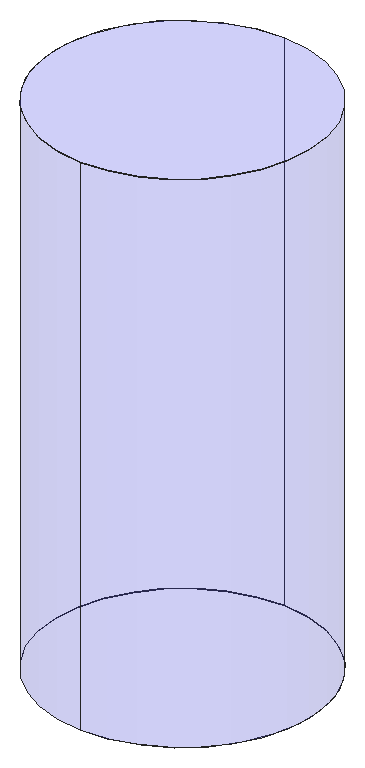
Revit family "ab0f770f071c455db5cd8c4188b68560", category Lighting Fixtures, Revit 2021
Family settings
  Round Connector Dimension = Use Diameter
  Part Type = Normal
  OmniClass Number = 23.80.70.11.11
  OmniClass Title = General Luminaries, Non Directional
  Seek Item ID = Studio Light-0000-USA-ENU
  Work Plane-Based = No
  Always vertical = Yes
  Cut with Voids When Loaded = No
  Light Source = Yes
  Shared = No
  Room Calculation Point = No
Parameters (values of type "277V")
  Wattage Comments = "100"
  Wattage = 100 W
  built-in parameter 1150110 = 1 (stored number, unit not read)
  built-in parameter 1114217 = 1 (stored number, unit not read)
  built-in parameter 1150109 = 1 (stored number, unit not read)
  built-in parameter 1150134 = 12
  built-in parameter 1150113 = 1 (stored number, unit not read)
  Tilt Angle = 90.00°
  Photometric Web File = "SL1MH.IES"
  built-in parameter 1150142 = "IESNA:LM-63-1995\r\n[DATE]04/24/01\r\n[TEST]ITL50989\r\n[MANUFAC]SPI LIGHTING GROUP\r\n[LUMCAT]ADVENT-AE7011-1MH100-120WH\r\n[LUMINAIRE]FABRICATED METAL HOUSING WITH SEMI-DIFFUSE INTERIOR FINISH,\r\n[MORE]FABRICATED WHITE PAINTED PERFORATED METAL DIFFUSER.\r\n[LAMP]ONE 100-WATT PHOSPHOR-COATED E-17 METAL HALIDE, HORIZONTAL POSITION.\r\n[_MOUNTING]WALL\r\nTILT=NONE\r\n1 7110 1 37 9 1 1 0.8229 0.7708 0\r\n1 1 100\r\n0 2.5 5 7.5 10 12.5 15 17.5 20 22.5 25 27.5 30 32.5 35 37.5 40 42.5 45 47.5 50\r\n 52.5 55 57.5 60 62.5 65 67.5 70 72.5 75 77.5 80 82.5 85 87.5 90\r\n0 22.5 45 67.5 90 112.5 135 157.5 180\r\n511 511 510 506 500 490 475 462 443 421 404 381 360 338 314 294 273 253 231 211\r\n 185 159 129 98 67 50 42 36 30 25 19 14 9 5 2 1 0\r\n511 511 510 508 503 496 484 469 454 436 416 395 373 349 327 303 281 260 238 216\r\n 195 172 144 115 84 59 46 39 33 27 22 16 10 6 3 1 0\r\n511 511 509 506 501 492 482 468 452 432 411 388 363 339 314 289 264 237 214 191\r\n 169 145 118 92 70 53 43 36 30 24 19 13 9 5 2 1 0\r\n511 511 510 507 502 495 484 470 455 436 415 390 368 345 320 292 261 234 207 182\r\n 158 135 111 91 74 59 48 41 34 28 22 16 10 6 3 1 0\r\n511 509 507 502 496 486 473 457 439 418 398 373 351 325 295 266 238 213 188 165\r\n 143 119 98 81 67 54 45 37 31 24 18 14 8 5 2 1 0\r\n511 509 506 502 495 488 478 464 449 432 412 391 369 342 318 289 259 227 198 170\r\n 145 124 103 86 72 61 50 42 34 28 21 16 11 7 4 3 0\r\n511 506 502 498 491 480 470 456 441 421 398 369 340 307 270 237 205 176 149 126\r\n 108 93 83 75 67 56 46 38 31 25 19 15 11 8 5 3 0\r\n511 509 504 499 491 482 470 455 433 406 374 342 308 269 236 205 179 155 134 119\r\n 108 98 89 80 72 62 52 43 36 29 24 19 14 10 7 4 0\r\n511 509 503 495 485 474 461 439 410 378 343 307 267 234 205 179 156 135 122 112\r\n 103 94 86 77 68 58 48 39 32 27 22 17 12 9 6 4 0\r\n\u001a"
  built-in parameter 1150115 = 1 (stored number, unit not read)
  built-in parameter 1150105 = 565.8 (stored number, unit not read)
  Load Classification = Lighting - Dwelling Unit
  built-in parameter 1150137 = 1
  built-in parameter 1150139 = (empty or 0)
  built-in parameter 1150112 = 1 (stored number, unit not read)
  built-in parameter 1150114 = 1 (stored number, unit not read)
  built-in parameter 1150132 = (empty or 0)
  built-in parameter 1150102 = (empty or 0)
  built-in parameter 1150138 = (empty or 0)
  built-in parameter 1150107 = 4000 (stored number, unit not read)
  built-in parameter 1150106 = 5.658 (stored number, unit not read)
  built-in parameter 1150104 = 6.6054 (stored number, unit not read)
  Dimming Lamp Color Temperature Shift = <None>
  Default Height = 8' - 0"
  Lumens = 7110 lm
  Default Elevation = 0' - 0"
  Color Filter = 16777215
  Ballast Voltage = 277 V
  Ballast Number of Poles = 1
  built-in parameter 1114218 = 1 (stored number, unit not read)
  built-in parameter 1150133 = 10 (stored number, unit not read)
  Apparent Load = 100 VA
Types (3): name | Ballast Voltage
  (no name) | 277 V
  120V | 120 V
  277V | 277 V
Reference planes (in)
  plane 1 "Light Source Axis": y = 0
  plane 2: z = 0
  plane 3 "Light Source Axis": x = 0
  plane 4 "Light Source Elevation": z = 96
  plane 5: z = 96.5
Forms (in)
  Extrusion 1, solid, material "Glass"
    sketch origin (0, 0, 96) x (0, -1, 0) y (1, 0, 0)
      loop
        circle (0, 0) r 0.125
    from 0 to 0.5
Lines and regions (in)
  model lines, style "LightingFixtures"
    curve 1: arc (10.17718, 0, 96) -> (0.17718, 0, 106) -> (-9.82282, 0, 96) r 10
    curve 2: arc (-9.82282, 0, 96) -> (0.17718, 0, 86) -> (10.17718, 0, 96) r 10
    curve 3: arc (0, 12, 96) -> (0, 0, 108) -> (0, -12, 96) r 12
    curve 4: arc (0, -12, 96) -> (0, 0, 84) -> (0, 12, 96) r 12
  symbolic lines, style "LightingFixtures"
    curve 5: arc (12, 0, 96) -> (0, -12, 96) -> (-12, 0, 96) r 12
    curve 6: arc (-12, 0, 96) -> (0, 12, 96) -> (12, 0, 96) r 12
Dimensions and locks (in)
  "Default Height": plane 2 to plane 4 "Light Source Elevation"
  plane 5 to plane 4 "Light Source Elevation" = 0' - 0 1/2"
  radius of Extrusion 1 sketch curve = 0' - 0 1/8"
  aligned and locked: plane 3 "Light Source Axis" to imposter light
  aligned and locked: plane 1 "Light Source Axis" to imposter light
  aligned and locked: plane 4 "Light Source Elevation" to imposter light
  aligned and locked: plane 3 "Light Source Axis" to Extrusion 1 sketch curve
  aligned and locked: plane 1 "Light Source Axis" to Extrusion 1 sketch curve
  aligned and locked: plane 5 to Extrusion 1
  aligned and locked: plane 4 "Light Source Elevation" to Extrusion 1
  aligned and locked: plane 1 "Light Source Axis" to curve 6
  aligned and locked: plane 3 "Light Source Axis" to curve 6
  aligned and locked: plane 4 "Light Source Elevation" to curve 2
  aligned and locked: plane 3 "Light Source Axis" to curve 4
Automatic sketch dimensions
  curve 2 to plane 3 "Light Source Axis" = 0' - 9.82282"
  plane 3 "Light Source Axis" to curve 2 = 0' - 0.17718"
  curve 4 to plane 4 "Light Source Elevation" = 0' - 0"
  curve 4 to plane 1 "Light Source Axis" = 0' - 0"
  plane 1 "Light Source Axis" to curve 3 = 1' - 0"
  curve 5 to plane 3 "Light Source Axis" = 1' - 0"
Connectors (in)
  electrical at (0, 0, 96), driven by "Apparent Load", driven by "Ballast Voltage", driven by "Ballast Number of Poles", driven by "Load Classification"
    settings: on Extrusion 1, index 1, voltage 277 V, apparent load 0 VA, apparent load phase1 100 VA, apparent load phase2 0 VA, apparent load phase3 0 VA, power factor 0.95, load classification "Lighting - Dwelling Unit", number of poles 1, system type 31, power factor state 1, is connector primary yes, connector utility no, sub classification motor no, connector description ""
